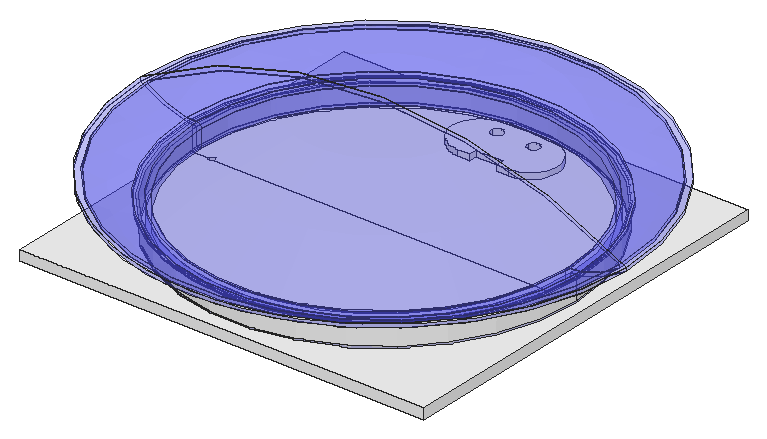
Revit family "BE_51234_de_DE", category Leuchten, Revit 2020
Family settings
  Basisbauteil = Fläche
  Bemaßung runder Anschluss = Durchmesser verwenden
  Teiletyp = Normal
  Beim Laden mit Abzugskörper schneiden = Ja
  Lichtquelle = Ja
  Gemeinsam genutzt = Nein
  Raumberechnungspunkt = Ja
Parameters (values of type "BEGA_51234_K27")
  built-in parameter 1150104 = 14.02 (stored number, unit not read)
  Wattage = 27.6 W
  Default Elevation = 0 mm
  built-in parameter 1150113 = 1 (stored number, unit not read)
  built-in parameter 1114218 = 1 (stored number, unit not read)
  Umgebungstemperatur = "25 °C"
  URL = "https://www.bega.com/de/produkt/51234"
  Typenkommentare = "© 2023 BEGA. Wir behalten uns das Recht vor, technische Änderungen ohne vorherige Ankündigung vorzunehmen."  # constant formula
  built-in parameter 1150134 = (empty or 0)
  built-in parameter 1150109 = 1 (stored number, unit not read)
  Strom = ""
  built-in parameter 1150110 = 1 (stored number, unit not read)
  Spannung = 239.996 V
  Sonderanfertigung = no
  Seriennummer [instance] = "Hier können Sie die eindeutige Seriennummer für das Facility Management eintragen."
  Schutzklasse = "I"
  Schutzart = "IP 20"
  Scheinlast = 0 VA
  Produktdatenblatt = "https://cdn.bega.com/bega/products/51234K3/current/documents/data-sheets/de"
  Oberflächentemperatur = ""
  Neigungswinkel = 0.00°
  Modell = "51234K27"
  Material_34 = BEGA_Oberfläche_Samtweiss_matt
  Material_11 = BEGA_Glas_opal
  M_W = no
  M_G = no
  M_A = no
  Logo = 0
  built-in parameter 1114217 = 1 (stored number, unit not read)
  built-in parameter 1150139 = (empty or 0)
  built-in parameter 1150105 = 4165.1 (stored number, unit not read)
  built-in parameter 1150114 = 1 (stored number, unit not read)
  Lumens = 4165.12 lm
  built-in parameter 1150115 = 1 (stored number, unit not read)
  Leuchtenlichtstrom = "2987 lm"
  Leuchtenanzahl = ""
  Lebensdauerkriterien = "L70B50 @ 25 °C = 200000 h"
  Lastklassifizierung = Beleuchtung
  built-in parameter 1150112 = 1 (stored number, unit not read)
  Lampenlichtstrom = "4165 lm"
  Lampe = "LED 27.6 W"
  LED_Modulbezeichnung = "LED-0630/927"
  Hersteller = "BEGA"  # constant formula
  Halbstreuwinkel = ""
  Gewicht = "5.1 kg"
  Gebrauchslageneinschränkung [instance] = ""
  Frequenz = "50/60 Hz"
  Farbwiedergabeindex = "CRI > 90"
  Farbtemperaturverschiebung bei Dämpfen der Lampe = <Keine Auswahl>
  Farbtemperatur = "2700 K"
  Color Filter = 16777215
  built-in parameter 1150133 = 10 (stored number, unit not read)
  Energieeffizienzklasse = "LED A++ - A"
  built-in parameter 1150137 = (empty or 0)
  built-in parameter 1150132 = (empty or 0)
  ENEC = ""
  Dimmbar [instance] = ""
  Datei für fotometrisches Netz = "BE_51234K27.ies"
  CE_Konformität = "ja"
  Bestellnummer = "51234K27"
  Beschreibung_Sonderanfertigung = "Hier können Sie Informationen zur Sonderanfertigung eintragen."
  Beschreibung = "Decken- und Wandleuchte"
  built-in parameter 1150106 = 41.651 (stored number, unit not read)
  Befestigungsbohrung = "Ø 6 mm"
  Befestigungsabstand = "340 mm"
  Ballwurfsicher = ""
  BEGA_Intern_aus = yes
  BEGA_Intern_an = yes
  BEGA_Intern_Konstruktion = yes
  BEGA_Intern = yes
  BEGA_IES = yes
  BEGA_Dummy = no
  Anschlussleitung = ""
  Anschlussleistung [instance] = "33.5 W"
  Anschlusskasten = ""
  built-in parameter 1150107 = 2700 (stored number, unit not read)
  built-in parameter 1150102 = (empty or 0)
  built-in parameter 1150138 = (empty or 0)
  Aktualisierung = "2023-01-23T04:00:03"
  Abstand_zur_angestrahlten_Fläche [instance] = ""
  AC/DC = "AC"
Types (2, lengths in mm): name | built-in parameter 1150104 | Modell | built-in parameter 1150105 | Lumens | Leuchtenlichtstrom | Lampenlichtstrom | LED_Modulbezeichnung | Farbtemperatur | Datei für fotometrisches Netz | Bestellnummer | built-in parameter 1150106 | built-in parameter 1150107
  BEGA_51234_K3 | 14.491 (stored number, unit not read) | "51234K3" | 342.58 (stored number, unit not read) | 4305.05 lm | "3088 lm" | "4305 lm" | "LED-0630/930" | "3000 K" | "BE_51234K3.ies" | "51234K3" | 3.4258 (stored number, unit not read) | 3000 (stored number, unit not read)
  BEGA_51234_K27 | 14.02 (stored number, unit not read) | "51234K27" | 4165.1 (stored number, unit not read) | 4165.12 lm | "2987 lm" | "4165 lm" | "LED-0630/927" | "2700 K" | "BE_51234K27.ies" | "51234K27" | 41.651 (stored number, unit not read) | 2700 (stored number, unit not read)
Reference planes
  plane 1 "Mitte (Vorne/Hinten)": y = 0
  plane 2: z = 0
  plane 3 "Mitte (Links/Rechts)": x = 0
  plane 4 "Links": x = -240
  plane 5 "Rechts": x = 240
  plane 6 "Unten": y = -240
  plane 7 "Oben": y = 240
  plane 8 "Vorne": z = 116.8
  plane 9 "Hinten": z = 0
Forms (mm)
  Extrusion 1, solid, material "BEGA_Platte_Weiss"
    sketch origin (0, -1119.2, 0) x (1, 0, 0) y (0, 1, 0)
      loop
        line (-200, 1319.2) -> (-200, 919.2) -> (200, 919.2) -> (200, 1319.2) -> (-200, 1319.2)
    from 0 to -10
  Extrusion 2, solid, material "BEGA_Dummy_matt", visible <- "BEGA_Dummy"
    sketch origin (77.149, -76.023, 0) x (1, 0, 0) y (0, 1, 0)
      loop
        circle (-77.149, 76.023) r 240
    from 0 to 116.8
Dimensions and locks
  plane 1 "Mitte (Vorne/Hinten)" to Extrusion 1 = 200 mm
  aligned and locked: plane 2 to Extrusion 1
  aligned and locked: level to Extrusion 1
  aligned and locked: plane 8 "Vorne" to Extrusion 2
Nested families
  nested 1: "BE_51234_Leuchte" at (0, 0, 0), type "BE_51234_Leuchte"
Connectors
  electrical at (0, 0, 0), driven by "Lastklassifizierung", driven by "Spannung", driven by "Scheinlast"
    settings: index 1, voltage 239.996 V, apparent load 0 VA, apparent load phase1 0 VA, apparent load phase2 0 VA, apparent load phase3 0 VA, power factor 1, load classification "Beleuchtung", number of poles 1, system type 31, power factor state 1, is connector primary yes, connector utility no, sub classification motor no, connector description ""
Definition of nested family "BE_51234_Leuchte"
  Parameters (values of type "BE_51234_Leuchte")
    Default Elevation = 1 mm
    URL = "http://www.bega.de/de/produkt"
    Type Comments = "© 2015 BEGA. Wir behalten uns das Recht vor, technische Änderungen ohne vorherige Ankündigung vorzunehmen. "  # constant formula
    Type Image = (empty or 0)
    Material_34 = none
    Material_11 = none
    Länge_Platte = 200 mm  # constant formula
    Höhe_Platte = -10 mm  # constant formula
    Manufacturer = "BEGA"  # constant formula
    Breite_Platte = 200 mm  # constant formula
  Reference planes
    plane 1 "Mitte (Oben/Unten)": y = 0
    plane 2: z = 0
    plane 3 "Mitte (Links/Rechts)": x = 0
    plane 4: z = 0
    plane 5: z = 116.8
    plane 6: x = -240
    plane 7: x = 240
    plane 8: y = 240
    plane 9: y = -240
  Forms (mm)
    Extrusion 1, solid, detail levels medium
      sketch origin (0, 0, 0) x (1, 0, 0) y (0, 1, 0)
        loop
          line (-100, 100) -> (-100, -100) -> (100, -100) -> (100, 100) -> (-100, 100)
      from 0 to -10 <- "Höhe_Platte"
    Revolve 2, solid, material <- "Material_34"
      sketch origin (0, 0, 0) x (1, 0, 0) y (0, 0, 1)
        loop
          line (194, 26.8) -> (191.844, 26.8)
          arc (191.844, 26.8) -> (190.576, 26.284) -> (190.038, 25.025) r 1.8
          line (190.038, 25.025) -> (189.667, 3.783)
          arc (189.667, 3.783) -> (189.368, 3.087) -> (188.667, 2.8) r 1
          line (188.667, 2.8) -> (0, 2.8) -> (0, 1.8) -> (188.667, 1.8)
          arc (188.667, 1.8) -> (190.069, 2.373) -> (190.667, 3.765) r 2
          line (190.667, 3.765) -> (191.038, 25.009)
          arc (191.038, 25.009) -> (191.277, 25.571) -> (191.842, 25.8) r 0.8
          line (191.842, 25.8) -> (194, 25.8) -> (194, 26.8)
        axis (0, 1.8) -> (0, 26.8)
      angle from 0 to 360
    Extrusion 3, solid, material <- "Material_34"
      sketch origin (0, 0, 0) x (1, 0, 0) y (0, 1, 0)
        loop
          circle (-170, 0) r 7.599
        loop
          circle (170, 0) r 7.599
      from 0 to 1.809
    Extrusion 4, void
      sketch origin (0, 0, 0) x (1, 0, 0) y (0, 1, 0)
        loop
          circle (-170, 0) r 3
        loop
          circle (170, 0) r 3
      from 0 to 2.8
    Extrusion 5, solid, material <- "Material_34"
      sketch origin (0, 0, 0) x (1, 0, 0) y (0, 1, 0)
        loop
          arc (29.435, 176.61) -> (0, 179.046) -> (-29.435, 176.61) r 179.046
          arc (-29.435, 176.61) -> (-51.885, 147.775) -> (-25, 123.023) r 26.977
          line (-25, 123.023) -> (-13.155, 123.023) -> (-13.155, 130.551) -> (13.155, 130.551) -> (13.155, 123.023) -> (25, 123.023)
          arc (25, 123.023) -> (51.885, 147.775) -> (29.435, 176.61) r 26.977
      from 2.8 to 8.3
    Extrusion 6, void
      sketch origin (0, 0, 0) x (1, 0, 0) y (0, 1, 0)
        loop
          circle (-18, 163) r 6
        loop
          circle (18, 163) r 6
      from 0 to 8.3
    Revolve 7, solid, material <- "Material_11"
      sketch origin (0, 0, 0) x (1, 0, 0) y (0, 0, 1)
        loop
          line (0, 116.9) -> (0, 112.9)
          arc (0, 112.9) -> (120.58, 97.029) -> (232.947, 50.498) r 465.999
          arc (232.947, 50.498) -> (233.915, 48.813) -> (232.995, 47.101) r 2
          arc (232.995, 47.101) -> (214.426, 37.351) -> (194.452, 30.953) r 121.001
          line (194.452, 30.953) -> (184.49, 30.431)
          arc (184.49, 30.431) -> (181.368, 29.57) -> (180.007, 26.631) r 3.853
          line (180.007, 26.631) -> (180.007, 8.9) -> (184.7, 8.9) -> (184.7, 26.437) -> (195, 26.977)
          arc (195, 26.977) -> (218.496, 34.752) -> (240, 47.004) r 125.001
          line (240, 47.004) -> (240, 51.004)
          arc (240, 51.004) -> (124.441, 100.127) -> (0, 116.9) r 469.999
        axis (0, 8.9) -> (0, 116.9)
      angle from 0 to 360
  Cuts and joins
    Extrusion 4, Extrusion 6 cuts Revolve 2
    Extrusion 4, Extrusion 6 cuts Extrusion 3
    Extrusion 6 cuts Extrusion 5
    joined: Revolve 2, Extrusion 3, Extrusion 5
  Dimensions and locks
    equal spacing: Extrusion 1 sketch curve, plane 3 "Mitte (Links/Rechts)", Extrusion 1 sketch curve
    equal spacing: Extrusion 1 sketch curve, plane 1 "Mitte (Oben/Unten)", Extrusion 1 sketch curve
    "Länge_Platte": Extrusion 1 sketch curve to Extrusion 1 sketch curve
    "Breite_Platte": Extrusion 1 sketch curve to Extrusion 1 sketch curve
    plane 1 "Mitte (Oben/Unten)" to Extrusion 1 = 100 mm  (x3)
    aligned and locked: plane 2 to Extrusion 1
    aligned and locked: level to Extrusion 1
  Automatic sketch dimensions
    level to Revolve 2 sketch curve = 26.8 mm
    Revolve 2 sketch curve to Revolve 2 sketch curve = 2.156 mm
    Revolve 2 sketch curve to Revolve 2 sketch curve = 1 mm  (x5)
    Revolve 2 sketch curve to Revolve 2 sketch curve = 0.002 mm
    Revolve 2 sketch curve to Revolve 2 sketch curve = 0.004 mm
    Revolve 2 sketch curve to Revolve 2 sketch curve = 0.8 mm  (x2)
    Revolve 2 sketch curve to Revolve 2 sketch curve = 0 mm  (x10)
    level to Revolve 2 sketch curve = 3.783 mm
    Revolve 2 sketch curve to Revolve 2 sketch curve = 0.371 mm
    level to Revolve 2 sketch curve = 3.765 mm
    Revolve 2 sketch curve to Revolve 2 sketch curve = 0.017 mm
    Revolve 2 sketch curve to plane 3 "Mitte (Links/Rechts)" = 0 mm
    level to Revolve 2 sketch curve = 1.8 mm
    Revolve 2 sketch curve to Revolve 2 sketch curve = 188.667 mm
    plane 1 "Mitte (Oben/Unten)" to Extrusion 5 sketch curve = 0 mm
    Extrusion 5 sketch curve to plane 3 "Mitte (Links/Rechts)" = 0 mm
    Extrusion 5 sketch curve to plane 3 "Mitte (Links/Rechts)" = 25 mm  (x2)
    Extrusion 5 sketch curve to plane 1 "Mitte (Oben/Unten)" = 150 mm
    Extrusion 5 sketch curve to Extrusion 5 sketch curve = 4.435 mm
    Extrusion 5 sketch curve to Extrusion 5 sketch curve = 0 mm  (x6)
    plane 3 "Mitte (Links/Rechts)" to Extrusion 5 sketch curve = 25 mm
    Extrusion 5 sketch curve to Extrusion 5 sketch curve = 11.845 mm  (x2)
    plane 3 "Mitte (Links/Rechts)" to Extrusion 5 sketch curve = 13.155 mm
    Extrusion 5 sketch curve to Extrusion 5 sketch curve = 7.528 mm  (x2)
    Revolve 7 sketch curve to plane 3 "Mitte (Links/Rechts)" = 0 mm  (x2)
    plane 3 "Mitte (Links/Rechts)" to Revolve 7 sketch curve = 0 mm
    plane 3 "Mitte (Links/Rechts)" to Revolve 7 sketch curve = 167.671 mm
    Revolve 7 sketch curve to Revolve 7 sketch curve = 0 mm  (x4)
    level to Revolve 7 sketch curve = 8.9 mm
    Revolve 7 sketch curve to Revolve 7 sketch curve = 12.336 mm
    Revolve 7 sketch curve to Revolve 7 sketch curve = 3.853 mm
    Revolve 7 sketch curve to Revolve 7 sketch curve = 4.693 mm
    level to Revolve 7 sketch curve = 30.953 mm
    Revolve 7 sketch curve to Revolve 7 sketch curve = 9.752 mm
    level to Revolve 7 sketch curve = 26.977 mm
    Revolve 7 sketch curve to Revolve 7 sketch curve = 0.549 mm
    Revolve 7 sketch curve to Revolve 7 sketch curve = 37.464 mm
    Revolve 7 sketch curve to Revolve 7 sketch curve = 8.084 mm
    Revolve 7 sketch curve to level = 353.099 mm
    Revolve 7 sketch curve to Revolve 7 sketch curve = 0.54 mm
    Revolve 7 sketch curve to Revolve 7 sketch curve = 0.194 mm
    level to Revolve 7 sketch curve = 47.004 mm
    Revolve 7 sketch curve to Revolve 7 sketch curve = 1.781 mm
    Revolve 7 sketch curve to Revolve 7 sketch curve = 4 mm
    level to Revolve 7 sketch curve = 112.9 mm
    Revolve 7 sketch curve to Revolve 7 sketch curve = 0.631 mm
    Revolve 7 sketch curve to Revolve 7 sketch curve = 1.032 mm
    Revolve 7 sketch curve to Revolve 7 sketch curve = 1.08 mm
